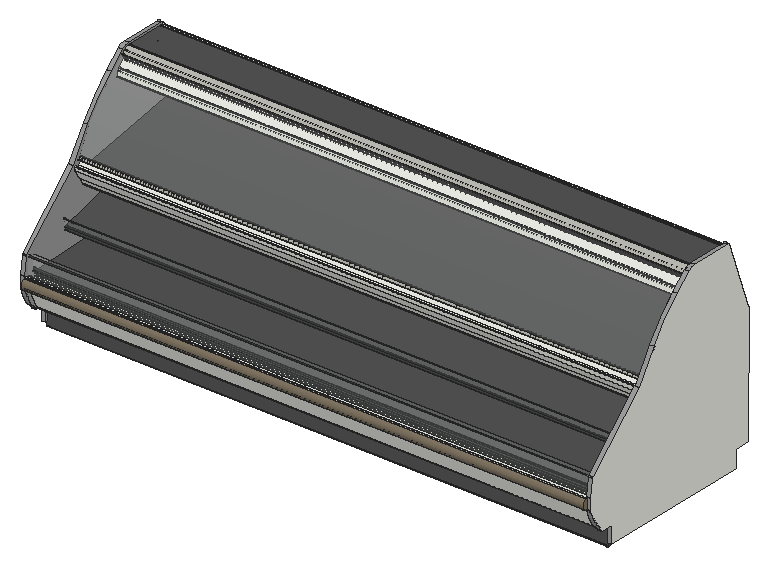
Revit family "CR3-M-EP_2014", category Specialty Equipment, Revit 2014
Parameters (values of type "12'-0" Length")
  Width = 144"
  Waste Drain = 1 1/2"  # constant formula
  Upper Drain = if(Width = 48", 32", if(Width = 72", 44", if(Width = 96", 56", if(Width = 144", 77", 0"))))  # 77"
  URL = "www.hussmann.com"
  Type Comments = "Chino"  # constant formula
  Trim = Stainless Steel
  Total Weight = Case Weight + (2 * End Weight)  # 0.00 lbf
  Splashguard = Textured Sheet Metal (Steel Painted) - 701 Black
  Side Panel - Right [instance] = yes
  Side Panel - Left [instance] = yes
  Shelves = Sheet Metal (Steel Painted) - 701 Black
  Revit Family Date = "09/15/2016"  # constant formula
  Refrigeration Lines Suction = 5/8"  # constant formula
  Refrigeration Lines Liquid = 3/8"  # constant formula
  Refrig. Suction = "Suction"
  Refrig. Liquid = "Liquid"
  Number of Supports = if(Width < 70", 2, if(Width < 140", 3, 4))  # 4
  Note from Manufacturer = "This model only comes in 4'-0\", 6'-0\", 8'-0\", and 12'-0\" lengths."
  Model URL = "http://www.hussmann.com/en/product%20viewer/display-cases/R3M,%20CR3M,%20R3F,%20CR3F"
  Model = "CR3M-EP"  # constant formula
  Manufacturer Disclaimer = "The information in this file is not intended to be an exact representation of the corresponding Hussmann product.  Further, we reserve the right to change or revise specifications and product design in connection with any feature of our products. Such changes do not entitle the buyer to corresponding changes, improvements, additions, or replacements for equipment previously sold or shipped."  # constant formula
  Manufacturer = "Hussmann Corporation"  # constant formula
  Lower Drain = if(Width = 48", 7", if(Width = 72", 41", if(Width = 96", 53", if(Width = 144", 65", 0"))))  # 65"
  Height = 53 1/4"  # constant formula
  Glazing = Glass
  Ends = Textured Sheet Metal (Steel Painted) - 149 White Satin Matte
  End Weight = 0.00 lbf  # constant formula
  Door Frame = Plastic - 144 Mist Gray
  Description = "Enhanced Performance Service Meat Top, Multi-Deck, Self-Service Front Merchandiser with Refrigerated or Dry Rear Storage - Curved Glass"  # constant formula
  Depth = 51 3/8"  # constant formula
  Cutsheet URL = "http://www.hussmann.com/en/Technical%20Documents/R3-M,%20CR3-M,%20R3-F,%20CR3-F_ds_En.pdf"
  Case Weight = if(Width = 48", 0.00 lbf, if(Width = 72", 0.00 lbf, if(Width = 96", 0.00 lbf, if(Width = 144", 0.00 lbf, 0.00 lbf))))  # 0.00 lbf
  Case Interior - Side Panel = Stainless Steel
  Case Interior - Back Panel = Stainless Steel
  Case = Textured Sheet Metal (Steel Painted) - 149 White Satin Matte
  Bumper = Extruded PVC - 747 Chocolate Brown
  Assembly Code = ""
  Accessories/Options = ""
  8 Case = Width = 96"  # no
  6 Case = Width = 72"  # no
  4 Case = Width = 48"  # no
  12 Case = Width = 144"  # yes
Reference planes (in)
  plane 1 "Back": y = 0
  plane 2 "Bottom": z = 0
  plane 3 "Top": z = 53.25
  plane 4 "Left": x = -77.30699
  plane 5 "Front": y = -51.375
  plane 6 "Center (Left/Right)": x = -5.30699
  plane 7: x = -78.43199
  plane 8 "Right": x = 66.69301
  plane 9: x = 67.81801
Forms (in)
  Extrusion 1, solid, material "Metal - Copper"
    sketch origin (63.0625, 1.04319, 0) x (1, 0, 0) y (0, 1, 0)
      loop
        arc (-76.49449, -39.16819) -> (-77.02482, -39.38786) -> (-77.24449, -39.91819) r 0.75
        arc (-77.24449, -39.91819) -> (-77.02482, -40.44852) -> (-76.49449, -40.66819) r 0.75
        arc (-76.49449, -40.66819) -> (-75.96416, -40.44852) -> (-75.74449, -39.91819) r 0.75
        arc (-75.74449, -39.91819) -> (-75.96416, -39.38786) -> (-76.49449, -39.16819) r 0.75
      loop
        circle (-76.49449, -39.91819) r 0.7102
    from 5.98508 to 0
  Extrusion 2, solid, material "Metal - Copper"
    sketch origin (57.40105, 5, -0.375) x (1, 0, 0) y (0, 1, 0)
      loop
        circle (2.97946, -42.125) r 0.28859
      loop
        circle (2.97946, -42.125) r 0.3125
    from 6.36008 to 0.375
  Extrusion 3, solid, material "Metal - Copper"
    sketch origin (59.82608, 5, -0.375) x (1, 0, 0) y (0, 1, 0)
      loop
        circle (1.05443, -42.125) r 0.17188
      loop
        circle (1.05443, -42.125) r 0.1875
    from 6.36008 to 0.375
  Extrusion 4, solid, material "Textured Sheet Metal (Steel Painted) - 149 White Satin Matte" <- "Case"
    sketch origin (-5.30699, 0, 0) x (0, 1, 0) y (0, 0, 1)
      loop
        line (-33.38837, 32.56835) -> (-32.48582, 33.74457)
        arc (-32.48582, 33.74457) -> (-32.43851, 33.76986) -> (-32.38829, 33.75097) r 0.065
        line (-32.38829, 33.75097) -> (-31.8949, 33.25757)
        arc (-31.8949, 33.25757) -> (-31.88081, 33.23648) -> (-31.87586, 33.21161) r 0.065
        line (-31.87586, 33.21161) -> (-31.87586, 32.51032)
        arc (-31.87586, 32.51032) -> (-31.87184, 32.49532) -> (-31.86086, 32.48434) r 0.03
        line (-31.86086, 32.48434) -> (-29.72273, 31.24989) -> (-28.88555, 31.3975)
        arc (-28.88555, 31.3975) -> (-28.83699, 31.38674) -> (-28.81026, 31.34478) r 0.065
        line (-28.81026, 31.34478) -> (-28.71363, 30.79681)
        arc (-28.71363, 30.79681) -> (-28.7013, 30.77744) -> (-28.67888, 30.77247) r 0.03
        line (-28.67888, 30.77247) -> (-27.45089, 30.989)
        arc (-27.45089, 30.989) -> (-27.40232, 30.97823) -> (-27.37559, 30.93628) r 0.065
        line (-27.37559, 30.93628) -> (-27.32528, 30.65098)
        arc (-27.32528, 30.65098) -> (-27.31599, 30.63406) -> (-27.29832, 30.6263) r 0.03
        line (-27.29832, 30.6263) -> (-26.84553, 30.58709) -> (-26.86198, 30.39712) -> (-19.20364, 29.99547) -> (-15.18644, 29.99547) -> (-4.3474, 30.51941) -> (-4.3474, 35.42711) -> (-2.94716, 35.42711) -> (-2.98168, 35.52197) -> (-4.51597, 35.52197)
        arc (-4.51597, 35.52197) -> (-4.53525, 35.51495) -> (-4.54551, 35.49718) r 0.03
        line (-4.54551, 35.49718) -> (-4.63952, 34.96406) -> (-4.70058, 34.97482) -> (-4.60657, 35.50794)
        arc (-4.60657, 35.50794) -> (-4.57511, 35.56244) -> (-4.51597, 35.58397) r 0.092
        line (-4.51597, 35.58397) -> (-2.23313, 35.58397) -> (-0.23594, 36.31089)
        arc (-0.23594, 36.31089) -> (-0.16559, 36.30782) -> (-0.11802, 36.2559) r 0.092
        line (-0.11802, 36.2559) -> (-0.00555, 35.94689)
        arc (-0.00555, 35.94689) -> (-0.0014, 35.9314) -> (0, 35.91542) r 0.092
        line (0, 35.91542) -> (0, 35.28405) -> (-0.02202, 35.03232) -> (-0.08379, 35.03772) -> (-0.062, 35.28806) -> (-0.062, 35.41322) -> (-0.27598, 35.41322) -> (-0.20665, 35.15451) -> (-0.20665, 28.41908) -> (-18.65057, 28.41908) -> (-18.65057, 7.54708) -> (-0.27157, 7.54708) -> (-0.27157, 5.90808)
        arc (-0.27157, 5.90808) -> (-0.29061, 5.86212) -> (-0.33657, 5.84308) r 0.065
        line (-0.33657, 5.84308) -> (-0.96459, 5.84308)
        arc (-0.96459, 5.84308) -> (-1.01438, 5.8663) -> (-1.0286, 5.91937) r 0.065
        line (-1.0286, 5.91937) -> (-0.92787, 6.49062) -> (-0.92787, 7.41108) -> (-2.27987, 7.41108) -> (-2.27987, 6.70416)
        arc (-2.27987, 6.70416) -> (-2.28779, 6.66436) -> (-2.31033, 6.63062) r 0.104
        line (-2.31033, 6.63062) -> (-2.99941, 5.94154)
        arc (-2.99941, 5.94154) -> (-3.03315, 5.91899) -> (-3.07295, 5.91108) r 0.104
        line (-3.07295, 5.91108) -> (-3.85387, 5.91108) -> (-3.85387, 5.98508) -> (-46.47246, 5.98508) -> (-46.54679, 5.78148)
        arc (-46.54679, 5.78148) -> (-46.60508, 5.73883) -> (-46.66679, 5.77636) r 0.065
        line (-46.66679, 5.77636) -> (-49.32381, 11.48883) -> (-50.2838, 11.48883)
        arc (-50.2838, 11.48883) -> (-50.34921, 11.51592) -> (-50.3763, 11.58133) r 0.0925
        line (-50.3763, 11.58133) -> (-50.3763, 14.20466)
        arc (-50.3763, 14.20466) -> (-50.34921, 14.27007) -> (-50.2838, 14.29716) r 0.0925
        line (-50.2838, 14.29716) -> (-49.57204, 14.29716)
        arc (-49.57204, 14.29716) -> (-49.50663, 14.27007) -> (-49.47954, 14.20466) r 0.0925
        line (-49.47954, 14.20466) -> (-49.47954, 13.11258) -> (-48.99211, 13.11258) -> (-48.99211, 13.96008) -> (-48.92961, 13.96008) -> (-48.92961, 13.58908) -> (-48.6086, 13.26808) -> (-47.30761, 13.26808) -> (-47.30761, 13.33008) -> (-46.87061, 13.33008) -> (-46.87061, 13.92649)
        arc (-46.87061, 13.92649) -> (-46.84366, 13.99154) -> (-46.77861, 14.01849) r 0.092
        line (-46.77861, 14.01849) -> (-45.83661, 14.01849)
        arc (-45.83661, 14.01849) -> (-45.77155, 13.99154) -> (-45.74461, 13.92649) r 0.092
        line (-45.74461, 13.92649) -> (-45.74461, 13.33008) -> (-45.39961, 13.33008)
        arc (-45.39961, 13.33008) -> (-45.33455, 13.30313) -> (-45.30761, 13.23808) r 0.092
        line (-45.30761, 13.23808) -> (-45.30761, 12.89308) -> (-45.36572, 12.89308) -> (-45.36572, 12.67135) -> (-45.43818, 12.40092) -> (-45.49855, 12.4171) -> (-45.42822, 12.67958) -> (-45.42822, 12.7762) -> (-46.47046, 12.7762) -> (-46.47046, 7.60758) -> (-19.73888, 7.60758) -> (-18.87522, 8.47125) -> (-18.87522, 10.98732) -> (-19.81272, 10.98732) -> (-19.81272, 11.22133) -> (-18.84907, 11.22133) -> (-18.84907, 28.20482) -> (-21.33057, 28.20482) -> (-21.33057, 24.603) -> (-21.46745, 24.603) -> (-21.46745, 23.87685) -> (-21.50774, 23.47946)
        arc (-21.50774, 23.47946) -> (-21.58178, 23.4217) -> (-21.63626, 23.49819) r 0.065
        line (-21.63626, 23.49819) -> (-21.50245, 24.20033) -> (-21.50245, 26.80753) -> (-22.46803, 27.77311) -> (-28.51585, 27.77311)
        arc (-28.51585, 27.77311) -> (-28.53268, 27.77533) -> (-28.54835, 27.78182) r 0.065
        line (-28.54835, 27.78182) -> (-30.14557, 28.70397) -> (-31.02158, 28.70397) -> (-31.21157, 28.59427)
        arc (-31.21157, 28.59427) -> (-31.22554, 28.57605) -> (-31.22254, 28.55328) r 0.03
        line (-31.22254, 28.55328) -> (-31.10515, 28.34998)
        arc (-31.10515, 28.34998) -> (-31.09865, 28.30066) -> (-31.12893, 28.26119) r 0.065
        line (-31.12893, 28.26119) -> (-31.96462, 27.77863)
        arc (-31.96462, 27.77863) -> (-32.01394, 27.77214) -> (-32.05341, 27.80242) r 0.065
        line (-32.05341, 27.80242) -> (-32.18495, 28.03022) -> (-32.14741, 28.0519) -> (-33.019, 29.56079) -> (-33.08089, 29.52506) -> (-34.33754, 31.61446) -> (-34.60221, 32.75898)
        arc (-34.60221, 32.75898) -> (-34.58024, 32.82376) -> (-34.51246, 32.83301) r 0.065
        line (-34.51246, 32.83301) -> (-34.30068, 32.73881) -> (-34.31866, 32.69839) -> (-33.54184, 32.32792) -> (-33.39162, 32.5637)
      loop
        line (-7.7013, 52.90428) -> (-17.15757, 52.90428) -> (-17.15757, 50.83167) -> (-18.95248, 50.83167)
        arc (-18.95248, 50.83167) -> (-18.98787, 50.82463) -> (-19.01788, 50.80458) r 0.0925
        line (-19.01788, 50.80458) -> (-20.44006, 49.3824)
        arc (-20.44006, 49.3824) -> (-20.46011, 49.2816) -> (-20.37465, 49.2245) r 0.0925
        line (-20.37465, 49.2245) -> (-20.45838, 49.2245)
        arc (-20.45838, 49.2245) -> (-20.49795, 49.21106) -> (-20.52116, 49.17632) r 0.065
        line (-20.52116, 49.17632) -> (-20.96518, 47.51924)
        arc (-20.96518, 47.51924) -> (-20.91949, 47.43971) -> (-20.83975, 47.48505) r 0.065
        line (-20.83975, 47.48505) -> (-20.75047, 47.807) -> (-20.7842, 47.81636) -> (-20.87348, 47.4944)
        arc (-20.87348, 47.4944) -> (-20.91028, 47.47348) -> (-20.93137, 47.51019) r 0.03
        line (-20.93137, 47.51019) -> (-20.50953, 49.0845) -> (-20.47593, 49.0755) -> (-20.47593, 48.56476)
        arc (-20.47593, 48.56476) -> (-20.45543, 48.51526) -> (-20.40593, 48.49476) r 0.07
        line (-20.40593, 48.49476) -> (-19.18749, 48.49476)
        arc (-19.18749, 48.49476) -> (-19.14153, 48.5138) -> (-19.12249, 48.55976) r 0.065
        line (-19.12249, 48.55976) -> (-19.12249, 49.1595)
        arc (-19.12249, 49.1595) -> (-19.14153, 49.20546) -> (-19.18749, 49.2245) r 0.065
        line (-19.18749, 49.2245) -> (-19.4124, 49.2245) -> (-19.4124, 49.287) -> (-20.08187, 49.287) -> (-18.85794, 50.51093) -> (-10.33522, 50.51093) -> (-10.33522, 50.81867) -> (-8.18319, 50.81867) -> (-8.3657, 50.31723)
        arc (-8.3657, 50.31723) -> (-8.3631, 50.25759) -> (-8.31908, 50.21726) r 0.078
        line (-8.31908, 50.21726) -> (-7.21684, 49.81607)
        arc (-7.21684, 49.81607) -> (-7.19016, 49.81137) -> (-7.16349, 49.81607) r 0.078
        line (-7.16349, 49.81607) -> (-5.87825, 50.28386)
        arc (-5.87825, 50.28386) -> (-5.83424, 50.32419) -> (-5.83163, 50.38383) r 0.078
        arc (-5.83163, 50.38383) -> (-5.78406, 50.33192) -> (-5.71372, 50.32885) r 0.092
        line (-5.71372, 50.32885) -> (-5.41208, 50.43863)
        arc (-5.41208, 50.43863) -> (-5.36016, 50.4862) -> (-5.35709, 50.55655) r 0.092
        line (-5.35709, 50.55655) -> (-6.30348, 53.15672)
        arc (-6.30348, 53.15672) -> (-6.41404, 53.30081) -> (-6.58726, 53.35543) r 0.302
        line (-6.58726, 53.35543) -> (-7.1713, 53.35543)
        arc (-7.1713, 53.35543) -> (-7.23635, 53.32848) -> (-7.2633, 53.26343) r 0.092
        line (-7.2633, 53.26343) -> (-7.2633, 52.98303) -> (-7.6233, 52.98303)
        arc (-7.6233, 52.98303) -> (-7.67872, 52.95992) -> (-7.7013, 52.90428) r 0.078
      loop
        arc (-8.70629, 49.87386) -> (-8.55803, 49.99329) -> (-8.49628, 50.17339) r 0.34306
        line (-8.49628, 50.17339) -> (-8.49245, 50.25227) -> (-8.62388, 50.25405) -> (-18.46227, 50.3871) -> (-18.46058, 50.30815)
        arc (-18.46058, 50.30815) -> (-18.4035, 50.12616) -> (-18.25803, 50.0028) r 0.34295
        arc (-18.25803, 50.0028) -> (-18.21882, 49.96922) -> (-18.20356, 49.91992) r 0.093
        line (-18.20356, 49.91992) -> (-18.159, 48.15335)
        spline (-18.159, 48.15335) -> (-18.15533, 48.09935) -> (-18.14707, 48.04586) -> (-18.1343, 47.99327) -> (-18.11709, 47.94196) -> (-18.09558, 47.89229) -> (-18.06991, 47.84464) -> (-18.04029, 47.79934) -> (-18.00691, 47.75672) -> (-17.97003, 47.7171) -> (-17.9299, 47.68077) -> (-17.88683, 47.64797) -> (-17.84113, 47.61896)
        line (-17.84113, 47.61896) -> (-16.08485, 46.60647)
        spline (-16.08485, 46.60647) -> (-16.05336, 46.58834) -> (-16.02231, 46.57049) -> (-15.99206, 46.55314) -> (-15.96298, 46.53649) -> (-15.9354, 46.52074) -> (-15.90965, 46.50608) -> (-15.88605, 46.49268) -> (-15.86487, 46.48071) -> (-15.84637, 46.47029) -> (-15.83076, 46.46157) -> (-15.81823, 46.45464) -> (-15.80892, 46.44958)
        arc (-15.80892, 46.44958) -> (-15.75024, 46.42542) -> (-15.68736, 46.41686) r 0.24938
        line (-15.68736, 46.41686) -> (-10.05286, 46.3406) -> (-9.7997, 47.24959) -> (-9.40546, 47.63315)
        spline (-9.40546, 47.63315) -> (-9.39704, 47.6417) -> (-9.38901, 47.65061) -> (-9.38138, 47.65987) -> (-9.37415, 47.66944) -> (-9.36735, 47.67932) -> (-9.36099, 47.68949) -> (-9.35508, 47.69993) -> (-9.34963, 47.71061) -> (-9.34465, 47.72153) -> (-9.34015, 47.73265) -> (-9.33614, 47.74395) -> (-9.33263, 47.75542)
        line (-9.33263, 47.75542) -> (-8.7574, 49.79094)
        arc (-8.7574, 49.79094) -> (-8.74105, 49.84073) -> (-8.7004, 49.87378) r 0.09302
    from 72 to -72
  Extrusion 5, solid, material "Sheet Metal (Steel Painted) - 701 Black" <- "Shelves"
    sketch origin (-5.30699, 0, 0) x (0, 1, 0) y (0, 0, 1)
      loop
        line (-47.61712, 14.45678) -> (-47.60219, 13.99202) -> (-20.77257, 14.85426) -> (-20.77257, 24.58807) -> (-21.46057, 24.58807) -> (-21.46057, 15.3324) -> (-47.61825, 14.49176)
        arc (-47.61825, 14.49176) -> (-47.63973, 14.49986) -> (-47.6492, 14.52078) r 0.03
        line (-47.6492, 14.52078) -> (-47.68035, 15.49028)
        arc (-47.68035, 15.49028) -> (-47.75306, 15.55273) -> (-47.80894, 15.47486) r 0.065
        line (-47.80894, 15.47486) -> (-47.73857, 15.13915) -> (-47.70432, 15.14633) -> (-47.68418, 14.51966)
        arc (-47.68418, 14.51966) -> (-47.66367, 14.47433) -> (-47.61712, 14.45678) r 0.065
    from 72 to -72
  Extrusion 6, solid, material "Sheet Metal (Steel Painted) - 701 Black" <- "Shelves"
    sketch origin (-5.30699, 0, 0) x (0, 1, 0) y (0, 0, 1)
      loop
        arc (-37.37591, 20.55304) -> (-37.41386, 20.52392) -> (-37.4201, 20.4765) r 0.0625
        line (-37.4201, 20.4765) -> (-37.20032, 19.65628) -> (-37.45375, 19.58853) -> (-37.62233, 20.31883) -> (-37.68275, 20.30488) -> (-37.51403, 19.5741)
        arc (-37.51403, 19.5741) -> (-37.48555, 19.53491) -> (-37.43757, 19.52816) r 0.062
        line (-37.43757, 19.52816) -> (-36.59239, 19.75463) -> (-36.60996, 19.82019)
        arc (-36.60996, 19.82019) -> (-36.5977, 19.83875) -> (-36.59726, 19.86099) r 0.04
        line (-36.59726, 19.86099) -> (-36.77098, 20.52878) -> (-35.92628, 20.75209) -> (-35.88731, 20.60665) -> (-35.804, 20.62897)
        arc (-35.804, 20.62897) -> (-35.77744, 20.62547) -> (-35.76113, 20.60422) r 0.035
        line (-35.76113, 20.60422) -> (-35.68092, 20.30489)
        arc (-35.68092, 20.30489) -> (-35.66826, 20.27965) -> (-35.64666, 20.26146) r 0.07
        line (-35.64666, 20.26146) -> (-35.12588, 19.97927)
        arc (-35.12588, 19.97927) -> (-35.04917, 19.98586) -> (-35.02491, 20.05893) r 0.07
        line (-35.02491, 20.05893) -> (-35.07702, 20.25341) -> (-21.79848, 23.74887)
        arc (-21.79848, 23.74887) -> (-21.76053, 23.77799) -> (-21.75428, 23.82542) r 0.0625
        line (-21.75428, 23.82542) -> (-21.9484, 24.54987)
        arc (-21.9484, 24.54987) -> (-21.97752, 24.58782) -> (-22.02494, 24.59406) r 0.0625
        line (-22.02494, 24.59406) -> (-37.37591, 20.55304)
    from 72 to -72
  Extrusion 7, solid, material "Glass" <- "Glazing"
    sketch origin (-5.30699, 0, 0) x (0, 1, 0) y (0, 0, 1)
      loop
        line (-38.15322, 22.24812) -> (-37.44146, 19.59182) -> (-37.19994, 19.65639) -> (-37.91173, 22.31283)
        arc (-37.91173, 22.31283) -> (-38.06483, 22.40122) -> (-38.15322, 22.24812) r 0.125
    from 72 to -72
  Extrusion 8, solid, material "Glass" <- "Glazing"
    sketch origin (-5.30699, 0, 0) x (0, 1, 0) y (0, 0, 1)
      loop
        line (-49.47954, 18.6907) -> (-49.47954, 13.11258) -> (-48.99211, 13.11258) -> (-48.99211, 18.61243)
        arc (-48.99211, 18.61243) -> (-49.20247, 18.85926) -> (-49.47954, 18.6907) r 0.25
    from 72 to -72
  Extrusion 9, solid, material "Extruded PVC - 747 Chocolate Brown" <- "Bumper"
    sketch origin (-5.30699, 0, 0) x (0, 1, 0) y (0, 0, 1)
      loop
        arc (-50.3763, 13.97878) -> (-51.3763, 12.72878) -> (-50.3763, 11.47878) r 1.28125
        line (-50.3763, 11.47878) -> (-50.3763, 13.97878)
    from 72 to -72
  Extrusion 10, solid, material "Sheet Metal (Steel Painted) - 701 Black" <- "Shelves"
    sketch origin (-5.30699, 0, 0) x (0, 1, 0) y (0, 0, 1)
      loop
        line (-7.38303, 53.29798) -> (-17.05429, 53.29798) -> (-17.09366, 53.25861) -> (-17.09366, 53.02831) -> (-16.98879, 52.90767) -> (-16.79783, 52.90767) -> (-16.73329, 52.98302) -> (-7.38303, 52.98302) -> (-7.34366, 53.02239) -> (-7.34366, 53.25861) -> (-7.38303, 53.29798)
    from 72 to -72
  Extrusion 11, solid, material "Plastic - 144 Mist Gray" <- "Door Frame"
    sketch origin (-5.30699, 0, 0) x (0, 1, 0) y (0, 0, 1)
      loop
        line (-32.96754, 34.44172) -> (-33.23095, 33.77271)
        arc (-33.23095, 33.77271) -> (-33.23011, 33.72527) -> (-33.19597, 33.69231) r 0.062
        line (-33.19597, 33.69231) -> (-32.96467, 33.60295)
        arc (-32.96467, 33.60295) -> (-32.91766, 33.6039) -> (-32.88483, 33.63756) r 0.062
        line (-32.88483, 33.63756) -> (-32.87204, 33.66924)
        arc (-32.87204, 33.66924) -> (-32.83903, 33.70299) -> (-32.79184, 33.70372) r 0.062
        line (-32.79184, 33.70372) -> (-32.72201, 33.67623)
        arc (-32.72201, 33.67623) -> (-32.66747, 33.73008) -> (-32.68762, 33.80403) r 0.07595
        line (-32.68762, 33.80403) -> (-32.66677, 33.85729) -> (-32.51145, 33.71117) -> (-32.3787, 33.88418) -> (-32.54549, 34.14124)
        arc (-32.54549, 34.14124) -> (-32.489, 34.18537) -> (-32.49373, 34.2569) r 0.07661
        line (-32.49373, 34.2569) -> (-32.64938, 34.31713)
        arc (-32.64938, 34.31713) -> (-32.66833, 34.31835) -> (-32.68443, 34.30828) r 0.031
        arc (-32.68443, 34.30828) -> (-32.81429, 33.98404) -> (-32.94132, 33.65868) r 40
        line (-32.94132, 33.65868) -> (-33.17394, 33.75027)
        arc (-33.17394, 33.75027) -> (-33.04315, 34.08514) -> (-32.90937, 34.41882) r 40.25
        line (-32.90937, 34.41882) -> (-32.96754, 34.44172)
      loop
        line (-18.83593, 51.52449) -> (-18.6385, 51.17915)
        arc (-18.6385, 51.17915) -> (-18.55725, 51.08594) -> (-18.44638, 51.03119) r 0.31496
        line (-18.44638, 51.03119) -> (-17.69979, 50.83167) -> (-17.15757, 50.83167) -> (-17.15757, 52.90428) -> (-16.98584, 52.90428) -> (-17.06801, 52.99881) -> (-17.13592, 52.99881) -> (-17.13592, 53.27146)
        arc (-17.13592, 53.27146) -> (-17.14169, 53.28538) -> (-17.15561, 53.29115) r 0.01969
        line (-17.15561, 53.29115) -> (-17.23567, 53.29115)
        arc (-17.23567, 53.29115) -> (-17.40817, 53.06189) -> (-17.49374, 52.78804) r 0.84252
        line (-17.49374, 52.78804) -> (-17.56189, 52.78518)
        arc (-17.56189, 52.78518) -> (-17.51746, 52.98456) -> (-17.43036, 53.16932) r 0.9252
        arc (-17.43036, 53.16932) -> (-17.43084, 53.19069) -> (-17.45052, 53.19902) r 0.01968
        arc (-17.45052, 53.19902) -> (-18.50854, 52.75906) -> (-19.2771, 51.9092) r 2.61653
        arc (-19.2771, 51.9092) -> (-19.27989, 51.87327) -> (-19.25227, 51.85012) r 0.03937
        line (-19.25227, 51.85012) -> (-18.61303, 52.29494) -> (-18.48735, 52.38442)
        arc (-18.48735, 52.38442) -> (-18.42794, 52.3978) -> (-18.37675, 52.36481) r 0.07874
        line (-18.37675, 52.36481) -> (-18.31698, 52.27768) -> (-18.44492, 52.27232) -> (-18.49919, 52.15378) -> (-18.44373, 52.07574)
        arc (-18.44373, 52.07574) -> (-18.43706, 52.04602) -> (-18.45358, 52.02044) r 0.03937
        line (-18.45358, 52.02044) -> (-18.58078, 51.93334) -> (-19.06946, 51.59874)
        arc (-19.06946, 51.59874) -> (-19.09424, 51.56037) -> (-19.08424, 51.5158) r 0.05905
        line (-19.08424, 51.5158) -> (-19.01642, 51.42037)
        arc (-19.01642, 51.42037) -> (-19.00366, 51.41237) -> (-18.98897, 51.41573) r 0.01969
        line (-18.98897, 51.41573) -> (-18.83593, 51.52449)
    from 72 to -72
  Extrusion 12, solid, material "Textured Sheet Metal (Steel Painted) - 701 Black" <- "Splashguard"
    sketch origin (-5.30699, 0, 0) x (0, 1, 0) y (0, 0, 1)
      loop
        arc (-43.33825, 5.48508) -> (-43.363, 5.47483) -> (-43.37325, 5.45008) r 0.035
        line (-43.37325, 5.45008) -> (-43.37325, 0.02008)
        arc (-43.37325, 0.02008) -> (-43.363, -0.00467) -> (-43.33825, -0.01492) r 0.035
        line (-43.33825, -0.01492) -> (-42.83825, -0.01492)
        arc (-42.83825, -0.01492) -> (-42.8135, -0.00467) -> (-42.80325, 0.02008) r 0.035
        line (-42.80325, 0.02008) -> (-42.80325, 0.39508) -> (-42.88512, 0.39508) -> (-42.88512, 5.07508) -> (-42.80325, 5.07508) -> (-42.80325, 5.45008)
        arc (-42.80325, 5.45008) -> (-42.8135, 5.47483) -> (-42.83825, 5.48508) r 0.035
        line (-42.83825, 5.48508) -> (-43.33825, 5.48508)
      loop
        line (-4.19387, 5.48508) -> (-4.19387, 0.45495) -> (-3.8561, 0.05241) -> (-3.47425, -0.01492) -> (-3.46817, 0.01955) -> (-3.83748, 0.08467) -> (-4.15887, 0.46769) -> (-4.15887, 5.48508) -> (-4.19387, 5.48508)
    from 72 to -72
  Extrusion 13, solid, material "Sheet Metal (Steel Painted) - 701 Black" <- "Shelves"
    sketch origin (-5.30699, 0, 0) x (0, 1, 0) y (0, 0, 1)
      loop
        line (-30.31615, 31.72987) -> (-30.75068, 31.98075)
        arc (-30.75068, 31.98075) -> (-30.82336, 31.95979) -> (-30.79966, 31.88796) r 0.0525
        line (-30.79966, 31.88796) -> (-30.46163, 31.72559) -> (-30.44364, 31.76306) -> (-30.3431, 31.70502)
        arc (-30.3431, 31.70502) -> (-30.32189, 31.6973) -> (-30.29931, 31.6973) r 0.065
        line (-30.29931, 31.6973) -> (-29.01078, 31.9245) -> (-28.94987, 31.57908) -> (-4.26812, 35.93113) -> (-4.32903, 36.27656) -> (-4.20183, 36.29899)
        arc (-4.20183, 36.29899) -> (-4.18257, 36.29595) -> (-4.16925, 36.28172) r 0.03
        line (-4.16925, 36.28172) -> (-4.07651, 36.07493) -> (-4.04458, 36.08926) -> (-4.13731, 36.29604)
        arc (-4.13731, 36.29604) -> (-4.16618, 36.32688) -> (-4.20791, 36.33346) r 0.065
        line (-4.20791, 36.33346) -> (-30.31615, 31.72987)
    from 72 to -72
  Extrusion 14, solid, material "Glass" <- "Glazing"
    sketch origin (-5.30699, 0, 0) x (0, 1, 0) y (0, 0, 1)
      loop
        line (-18.48736, 52.0493) -> (-18.63016, 52.2545)
        arc (-18.63016, 52.2545) -> (-27.28477, 44.08917) -> (-33.17394, 33.75027) r 40.25
        line (-33.17394, 33.75027) -> (-32.94132, 33.65868)
        arc (-32.94132, 33.65868) -> (-27.08866, 43.93412) -> (-18.48736, 52.0493) r 40
    from 72 to -72
  Extrusion 15, solid, material "Metal - Copper"
    sketch origin (-56.6875, 24.04319, 0) x (1, 0, 0) y (0, 1, 0)
      loop
        arc (56.38051, -40.66819) -> (55.85018, -40.88786) -> (55.63051, -41.41819) r 0.75
        arc (55.63051, -41.41819) -> (55.85018, -41.94852) -> (56.38051, -42.16819) r 0.75
        arc (56.38051, -42.16819) -> (56.91084, -41.94852) -> (57.13051, -41.41819) r 0.75
        arc (57.13051, -41.41819) -> (56.91084, -40.88786) -> (56.38051, -40.66819) r 0.75
      loop
        circle (56.38051, -41.41819) r 0.7102
    from 5.98508 to 0
  Extrusion 16, solid, material "Glass" <- "Glazing"
    sketch origin (-5.30699, 0, 0) x (0, 1, 0) y (0, 0, 1)
      loop
        line (-47.77768, 18.51872) -> (-47.6492, 14.52078) -> (-47.39933, 14.52881) -> (-47.52781, 18.52675) -> (-47.77768, 18.51872)
    from 72 to -72
  Extrusion 17, solid, material "Stainless Steel" <- "Case Interior - Back Panel", visible <- "12 Case"
    sketch origin (-77.30699, 0, 0) x (0, 1, 0) y (0, 0, 1)
      loop
        line (-3.0039, 35.56897) -> (-2.27433, 35.56897) -> (-0.17956, 36.33141) -> (-5.4525, 50.81867) -> (-8.55461, 50.81867) -> (-3.0039, 35.56897)
    from 144 to 143.5
  Extrusion 18, solid, material "Stainless Steel" <- "Case Interior - Back Panel", visible <- "12 Case"
    sketch origin (-77.30699, 0, 0) x (0, 1, 0) y (0, 0, 1)
      loop
        line (-3.0039, 35.56897) -> (-2.27433, 35.56897) -> (-0.17956, 36.33141) -> (-5.4525, 50.81867) -> (-8.55461, 50.81867) -> (-3.0039, 35.56897)
    from 96.5 to 95.5
  Extrusion 19, solid, material "Stainless Steel" <- "Case Interior - Back Panel", visible <- "12 Case"
    sketch origin (-77.30699, 0, 0) x (0, 1, 0) y (0, 0, 1)
      loop
        line (-3.0039, 35.56897) -> (-2.27433, 35.56897) -> (-0.17956, 36.33141) -> (-5.4525, 50.81867) -> (-8.55461, 50.81867) -> (-3.0039, 35.56897)
    from 48.5 to 47.5
  Extrusion 20, solid, material "Stainless Steel" <- "Case Interior - Back Panel", visible <- "12 Case"
    sketch origin (-77.30699, 0, 0) x (0, 1, 0) y (0, 0, 1)
      loop
        line (-3.0039, 35.56897) -> (-2.27433, 35.56897) -> (-0.17956, 36.33141) -> (-5.4525, 50.81867) -> (-8.55461, 50.81867) -> (-3.0039, 35.56897)
    from 0.5 to 0
  Extrusion 21, solid, material "Stainless Steel" <- "Case Interior - Back Panel", visible <- "12 Case", not visible
    sketch origin (-77.30699, 0, 0) x (0, 1, 0) y (0, 0, 1)
      loop
        line (-3.0039, 35.56897) -> (-2.27433, 35.56897) -> (-0.17956, 36.33141) -> (-5.4525, 50.81867) -> (-8.55461, 50.81867) -> (-3.0039, 35.56897)
    from 144 to 143.5
  Extrusion 22, solid, material "Stainless Steel" <- "Case Interior - Back Panel", visible <- "12 Case", not visible
    sketch origin (-77.30699, 0, 0) x (0, 1, 0) y (0, 0, 1)
      loop
        line (-3.0039, 35.56897) -> (-2.27433, 35.56897) -> (-0.17956, 36.33141) -> (-5.4525, 50.81867) -> (-8.55461, 50.81867) -> (-3.0039, 35.56897)
    from 96.5 to 95.5
  Extrusion 23, solid, material "Stainless Steel" <- "Case Interior - Back Panel", visible <- "12 Case", not visible
    sketch origin (-77.30699, 0, 0) x (0, 1, 0) y (0, 0, 1)
      loop
        line (-3.0039, 35.56897) -> (-2.27433, 35.56897) -> (-0.17956, 36.33141) -> (-5.4525, 50.81867) -> (-8.55461, 50.81867) -> (-3.0039, 35.56897)
    from 48.5 to 47.5
  Extrusion 24, solid, material "Stainless Steel" <- "Case Interior - Back Panel", visible <- "12 Case", not visible
    sketch origin (-77.30699, 0, 0) x (0, 1, 0) y (0, 0, 1)
      loop
        line (-3.0039, 35.56897) -> (-2.27433, 35.56897) -> (-0.17956, 36.33141) -> (-5.4525, 50.81867) -> (-8.55461, 50.81867) -> (-3.0039, 35.56897)
    from 0.5 to 0
  Extrusion 25, solid, material "Stainless Steel" <- "Case Interior - Back Panel", visible <- "8 Case"
    sketch origin (-77.30699, 0, 0) x (0, 1, 0) y (0, 0, 1)
      loop
        line (-3.0039, 35.56897) -> (-2.27433, 35.56897) -> (-0.17956, 36.33141) -> (-5.4525, 50.81867) -> (-8.55461, 50.81867) -> (-3.0039, 35.56897)
    from 96 to 95.5
  Extrusion 26, solid, material "Stainless Steel" <- "Case Interior - Back Panel", visible <- "8 Case"
    sketch origin (-77.30699, 0, 0) x (0, 1, 0) y (0, 0, 1)
      loop
        line (-3.0039, 35.56897) -> (-2.27433, 35.56897) -> (-0.17956, 36.33141) -> (-5.4525, 50.81867) -> (-8.55461, 50.81867) -> (-3.0039, 35.56897)
    from 48.5 to 47.5
  Extrusion 27, solid, material "Stainless Steel" <- "Case Interior - Back Panel", visible <- "8 Case"
    sketch origin (-77.30699, 0, 0) x (0, 1, 0) y (0, 0, 1)
      loop
        line (-3.0039, 35.56897) -> (-2.27433, 35.56897) -> (-0.17956, 36.33141) -> (-5.4525, 50.81867) -> (-8.55461, 50.81867) -> (-3.0039, 35.56897)
    from 0.5 to 0
  Extrusion 28, solid, material "Stainless Steel" <- "Case Interior - Back Panel", visible <- "8 Case", not visible
    sketch origin (-77.30699, 0, 0) x (0, 1, 0) y (0, 0, 1)
      loop
        line (-3.0039, 35.56897) -> (-2.27433, 35.56897) -> (-0.17956, 36.33141) -> (-5.4525, 50.81867) -> (-8.55461, 50.81867) -> (-3.0039, 35.56897)
    from 96 to 95.5
  Extrusion 29, solid, material "Stainless Steel" <- "Case Interior - Back Panel", visible <- "8 Case", not visible
    sketch origin (-77.30699, 0, 0) x (0, 1, 0) y (0, 0, 1)
      loop
        line (-3.0039, 35.56897) -> (-2.27433, 35.56897) -> (-0.17956, 36.33141) -> (-5.4525, 50.81867) -> (-8.55461, 50.81867) -> (-3.0039, 35.56897)
    from 48.5 to 47.5
  Extrusion 30, solid, material "Stainless Steel" <- "Case Interior - Back Panel", visible <- "8 Case", not visible
    sketch origin (-77.30699, 0, 0) x (0, 1, 0) y (0, 0, 1)
      loop
        line (-3.0039, 35.56897) -> (-2.27433, 35.56897) -> (-0.17956, 36.33141) -> (-5.4525, 50.81867) -> (-8.55461, 50.81867) -> (-3.0039, 35.56897)
    from 0.5 to 0
  Extrusion 31, solid, material "Stainless Steel" <- "Case Interior - Back Panel", visible <- "6 Case"
    sketch origin (-77.30699, 0, 0) x (0, 1, 0) y (0, 0, 1)
      loop
        line (-3.0039, 35.56897) -> (-2.27433, 35.56897) -> (-0.17956, 36.33141) -> (-5.4525, 50.81867) -> (-8.55461, 50.81867) -> (-3.0039, 35.56897)
    from 72 to 71.5
  Extrusion 32, solid, material "Stainless Steel" <- "Case Interior - Back Panel", visible <- "6 Case"
    sketch origin (-77.30699, 0, 0) x (0, 1, 0) y (0, 0, 1)
      loop
        line (-3.0039, 35.56897) -> (-2.27433, 35.56897) -> (-0.17956, 36.33141) -> (-5.4525, 50.81867) -> (-8.55461, 50.81867) -> (-3.0039, 35.56897)
    from 0.5 to 0
  Extrusion 33, solid, material "Stainless Steel" <- "Case Interior - Back Panel", visible <- "6 Case", not visible
    sketch origin (-72.99499, 10.38492, -11.25191) x (0, 1, 0) y (0, 0, 1)
      loop
        line (-3.0039, 35.56897) -> (-2.27433, 35.56897) -> (-0.17956, 36.33141) -> (-5.4525, 50.81867) -> (-8.55461, 50.81867) -> (-3.0039, 35.56897)
    from 72 to 71.5
  Extrusion 34, solid, material "Stainless Steel" <- "Case Interior - Back Panel", visible <- "6 Case", not visible
    sketch origin (-72.99499, 10.38492, -11.25191) x (0, 1, 0) y (0, 0, 1)
      loop
        line (-3.0039, 35.56897) -> (-2.27433, 35.56897) -> (-0.17956, 36.33141) -> (-5.4525, 50.81867) -> (-8.55461, 50.81867) -> (-3.0039, 35.56897)
    from 0.5 to 0
  Extrusion 35, solid, material "Stainless Steel" <- "Case Interior - Back Panel", visible <- "4 Case"
    sketch origin (-77.30699, 0, 0) x (0, 1, 0) y (0, 0, 1)
      loop
        line (-3.0039, 35.56897) -> (-2.27433, 35.56897) -> (-0.17956, 36.33141) -> (-5.4525, 50.81867) -> (-8.55461, 50.81867) -> (-3.0039, 35.56897)
    from 48 to 47.5
  Extrusion 36, solid, material "Stainless Steel" <- "Case Interior - Back Panel", visible <- "4 Case"
    sketch origin (-77.30699, 0, 0) x (0, 1, 0) y (0, 0, 1)
      loop
        line (-3.0039, 35.56897) -> (-2.27433, 35.56897) -> (-0.17956, 36.33141) -> (-5.4525, 50.81867) -> (-8.55461, 50.81867) -> (-3.0039, 35.56897)
    from 0.5 to 0
  Extrusion 37, solid, material "Stainless Steel" <- "Case Interior - Back Panel", visible <- "4 Case", not visible
    sketch origin (-77.30699, 0, 0) x (0, 1, 0) y (0, 0, 1)
      loop
        line (-3.0039, 35.56897) -> (-2.27433, 35.56897) -> (-0.17956, 36.33141) -> (-5.4525, 50.81867) -> (-8.55461, 50.81867) -> (-3.0039, 35.56897)
    from 48 to 47.5
  Extrusion 38, solid, material "Stainless Steel" <- "Case Interior - Back Panel", visible <- "4 Case", not visible
    sketch origin (-77.30699, 0, 0) x (0, 1, 0) y (0, 0, 1)
      loop
        line (-3.0039, 35.56897) -> (-2.27433, 35.56897) -> (-0.17956, 36.33141) -> (-5.4525, 50.81867) -> (-8.55461, 50.81867) -> (-3.0039, 35.56897)
    from 0.5 to 0
  Extrusion 39, solid, material "Textured Sheet Metal (Steel Painted) - 149 White Satin Matte" <- "Ends", visible <- "Side Panel - Right"
    sketch origin (66.69301, 0, 0) x (0, 0, 1) y (0, -1, 0)
      loop
        line (14.37387, 50.38493) -> (11.46764, 50.38493)
        arc (11.46764, 50.38493) -> (11.43063, 50.38218) -> (11.39444, 50.37398) r 0.25
        arc (11.39444, 50.37398) -> (8.20563, 48.95989) -> (5.44554, 46.82679) r 14.53568
        arc (5.44554, 46.82679) -> (5.38353, 46.72278) -> (5.36534, 46.60305) r 0.315
        line (5.36534, 46.60305) -> (5.36534, 43.99632)
        arc (5.36534, 43.99632) -> (5.2555, 43.73116) -> (4.99034, 43.62132) r 0.375
        line (4.99034, 43.62132) -> (1, 43.62132) -> (1, 3.98736) -> (4.99034, 3.98736)
        arc (4.99034, 3.98736) -> (5.2555, 3.87752) -> (5.36534, 3.61236) r 0.375
        line (5.36534, 3.61236) -> (5.36534, 0.20841)
        arc (5.36534, 0.20841) -> (5.43856, 0.03163) -> (5.61534, -0.04159) r 0.25
        line (5.61534, -0.04159) -> (36.42209, -0.04159)
        arc (36.42209, -0.04159) -> (36.4655, -0.0378) -> (36.5076, -0.02652) r 0.25
        line (36.5076, -0.02652) -> (53.39927, 6.12155)
        arc (53.39927, 6.12155) -> (53.51856, 6.21308) -> (53.56377, 6.35647) r 0.25
        line (53.56377, 6.35647) -> (53.56377, 16.83579)
        arc (53.56377, 16.83579) -> (53.36675, 17.90503) -> (52.80158, 18.83383) r 3
        line (52.80158, 18.83383) -> (49.42736, 22.61298)
        arc (49.42736, 22.61298) -> (45.2531, 26.66138) -> (40.54209, 30.07025) r 40.5
        line (40.54209, 30.07025) -> (33.07243, 34.6967)
        arc (33.07243, 34.6967) -> (33.03286, 34.72492) -> (32.99726, 34.75802) r 0.375
        line (32.99726, 34.75802) -> (18.99101, 49.58785)
        arc (18.99101, 49.58785) -> (18.89401, 49.66759) -> (18.7802, 49.72065) r 0.5
        arc (18.7802, 49.72065) -> (16.593, 50.15872) -> (14.37387, 50.38493) r 23.22394
    from 0 to 1.125
  Extrusion 40, solid, material "Textured Sheet Metal (Steel Painted) - 149 White Satin Matte" <- "Ends", visible <- "Side Panel - Left"
    sketch origin (-77.30699, 5.00314, 0) x (0, 1, 0) y (0, 0, 1)
      loop
        line (-39.76115, 32.99726) -> (-54.59099, 18.99101)
        arc (-54.59099, 18.99101) -> (-54.67073, 18.89401) -> (-54.72379, 18.7802) r 0.5
        arc (-54.72379, 18.7802) -> (-55.16185, 16.593) -> (-55.38807, 14.37387) r 23.22394
        line (-55.38807, 14.37387) -> (-55.38807, 11.46764)
        arc (-55.38807, 11.46764) -> (-55.38531, 11.43063) -> (-55.37711, 11.39444) r 0.25
        arc (-55.37711, 11.39444) -> (-53.96302, 8.20563) -> (-51.82993, 5.44554) r 14.53568
        arc (-51.82993, 5.44554) -> (-51.72591, 5.38353) -> (-51.60618, 5.36534) r 0.315
        line (-51.60618, 5.36534) -> (-48.99946, 5.36534)
        arc (-48.99946, 5.36534) -> (-48.73429, 5.2555) -> (-48.62446, 4.99034) r 0.375
        line (-48.62446, 4.99034) -> (-48.62446, 1) -> (-8.9905, 1) -> (-8.9905, 4.99034)
        arc (-8.9905, 4.99034) -> (-8.88066, 5.2555) -> (-8.6155, 5.36534) r 0.375
        line (-8.6155, 5.36534) -> (-5.21154, 5.36534)
        arc (-5.21154, 5.36534) -> (-5.03477, 5.43856) -> (-4.96154, 5.61534) r 0.25
        line (-4.96154, 5.61534) -> (-4.96154, 36.42209)
        arc (-4.96154, 36.42209) -> (-4.96534, 36.4655) -> (-4.97662, 36.5076) r 0.25
        line (-4.97662, 36.5076) -> (-11.12469, 53.39927)
        arc (-11.12469, 53.39927) -> (-11.21621, 53.51856) -> (-11.35961, 53.56377) r 0.25
        line (-11.35961, 53.56377) -> (-21.83893, 53.56377)
        arc (-21.83893, 53.56377) -> (-22.90817, 53.36675) -> (-23.83697, 52.80158) r 3
        line (-23.83697, 52.80158) -> (-27.61612, 49.42736)
        arc (-27.61612, 49.42736) -> (-31.66451, 45.2531) -> (-35.07339, 40.54209) r 40.5
        line (-35.07339, 40.54209) -> (-39.69983, 33.07243)
        arc (-39.69983, 33.07243) -> (-39.72805, 33.03286) -> (-39.76115, 32.99726) r 0.375
    from -1.125 to 0
Lines and regions (in)
  reference lines
    curve 1: line (-75.99499, -51.375, 0) -> (-75.99499, 0, 0)
    curve 2: line (-0.30699, -51.375, 0) -> (-0.30699, 0, 0)
    curve 3: line (-13.43199, -51.375, 0) -> (-13.43199, 0, 0)
    curve 4: line (65.38051, -51.375, 0) -> (65.38051, 0, 0)
    curve 5: line (60.69301, -51.375, 0) -> (60.69301, 0, 0)
    curve 6: line (-77.30699, -38.875, 0) -> (66.69301, -38.875, 0)
    curve 7: line (66.69301, -37.125, 0) -> (-77.30699, -37.125, 0)
    curve 8: line (-77.30699, -17.375, 0) -> (66.69301, -17.375, 0)
Dimensions and locks (in)
  equal spacing: plane 4 "Left", plane 6 "Center (Left/Right)", plane 8 "Right"
  locked: plane 7 to plane 4 "Left" at 1.125
  "Width": plane 4 "Left" to plane 8 "Right"
  plane 4 "Left" to curve 1 = 1.312"
  "Upper Drain": plane 4 "Left" to curve 2
  locked: curve 4 to plane 8 "Right" at 1.3125
  "Lower Drain": plane 7 to curve 3
  "Depth": plane 5 "Front" to plane 1 "Back"
  locked: curve 5 to plane 8 "Right" at 6
  "Height": plane 3 "Top" to level
  locked: plane 1 "Back" to curve 8 at 17.375
  locked: curve 7 to plane 5 "Front" at 14.25
  locked: plane 8 "Right" to plane 9 at 1.125
  locked: Extrusion 1 sketch curve to Extrusion 1 sketch curve at 0.0398
  locked: Extrusion 3 sketch curve to Extrusion 3 sketch curve at 0.01562
  locked: Extrusion 2 sketch curve to Extrusion 2 sketch curve at 0.02391
  locked: Extrusion 15 sketch curve to Extrusion 15 sketch curve at 0.0398
  locked: curve 6 to plane 5 "Front" at 12.5
  nested 1 to plane 1 "Back" = 5 7/8"
  equal spacing: group 1, group 11, group 12, group 2  (x3)
  "Waste Drain": diameter of Extrusion 1 sketch curve
  "Refrigeration Lines Liquid": diameter of Extrusion 3 sketch curve
  "Refrigeration Lines Suction": diameter of Extrusion 2 sketch curve
  "Waste Drain": diameter of Extrusion 15 sketch curve
  aligned and locked: plane 5 "Front" to curve 3
  aligned and locked: plane 5 "Front" to curve 4
  aligned and locked: plane 5 "Front" to curve 2
  aligned and locked: plane 5 "Front" to curve 1
  aligned and locked: plane 4 "Left" to curve 6
  aligned and locked: plane 4 "Left" to curve 7
  aligned and locked: plane 8 "Right" to curve 7
  aligned and locked: plane 8 "Right" to curve 6
  aligned and locked: Extrusion 2 to level
  aligned and locked: Extrusion 3 to level
  aligned and locked: curve 7 to Extrusion 3 sketch curve  (x4)
  aligned and locked: curve 7 to Extrusion 2 sketch curve  (x4)
  aligned and locked: curve 6 to Extrusion 1 sketch curve  (x3)
  aligned and locked: curve 3 to Extrusion 1 sketch curve
  aligned and locked: curve 5 to Extrusion 3 sketch curve
  aligned and locked: curve 5 to Extrusion 2 sketch curve
  aligned and locked: Extrusion 1 to level
  aligned and locked: Extrusion 3 to plane 2 "Bottom"
  aligned and locked: Extrusion 2 to plane 2 "Bottom"
  aligned and locked: Extrusion 2 to Extrusion 1
  aligned and locked: Extrusion 3 to Extrusion 1
  aligned and locked: Extrusion 4 to plane 4 "Left"
  aligned and locked: plane 8 "Right" to Extrusion 4
  aligned and locked: Extrusion 11 to plane 4 "Left"
  aligned and locked: plane 8 "Right" to Extrusion 11
  aligned and locked: Extrusion 6 to plane 4 "Left"
  aligned and locked: plane 8 "Right" to Extrusion 6
  aligned and locked: Extrusion 7 to plane 4 "Left"
  aligned and locked: plane 8 "Right" to Extrusion 7
  aligned and locked: Extrusion 8 to plane 4 "Left"
  aligned and locked: plane 8 "Right" to Extrusion 8
  aligned and locked: Extrusion 9 to plane 4 "Left"
  aligned and locked: plane 8 "Right" to Extrusion 9
  aligned and locked: Extrusion 12 to plane 4 "Left"
  aligned and locked: plane 8 "Right" to Extrusion 12
  aligned and locked: plane 8 "Right" to Extrusion 5
  aligned and locked: Extrusion 5 to plane 4 "Left"
  aligned and locked: Extrusion 13 to plane 4 "Left"
  aligned and locked: plane 8 "Right" to Extrusion 13
  aligned and locked: Extrusion 14 to plane 4 "Left"
  aligned and locked: plane 8 "Right" to Extrusion 14
  aligned and locked: Extrusion 10 to plane 4 "Left"
  aligned and locked: plane 8 "Right" to Extrusion 10
  aligned and locked: Extrusion 1 to Extrusion 4
  aligned and locked: curve 8 to Extrusion 15 sketch curve
  aligned and locked: Extrusion 15 to Extrusion 1
  aligned and locked: curve 1 to nested 1
  aligned and locked: curve 4 to nested 2
  aligned and locked: nested 2 to nested 1
  aligned and locked: plane 4 "Left" to nested 4
  aligned and locked: plane 4 "Left" to nested 5
  aligned and locked: plane 4 "Left" to nested 6
  aligned and locked: plane 4 "Left" to nested 8
  aligned and locked: plane 4 "Left" to nested 18
  aligned and locked: Extrusion 16 to plane 4 "Left"
  aligned and locked: plane 8 "Right" to Extrusion 16
  aligned and locked: plane 4 "Left" to nested 20
  aligned and locked: plane 4 "Left" to nested 27
  aligned and locked: plane 7 to Extrusion 40
  aligned and locked: plane 4 "Left" to Extrusion 40
  aligned and locked: Extrusion 39 to plane 8 "Right"
  aligned and locked: plane 9 to Extrusion 39
Automatic sketch dimensions
  plane 3 "Top" to Extrusion 10 sketch curve = 0.22169"
  plane 1 "Back" to Extrusion 10 sketch curve = 17.09366"
  Extrusion 10 sketch curve to Extrusion 10 sketch curve = 0.03937"  (x3)
  plane 3 "Top" to Extrusion 10 sketch curve = 0.34233"
  Extrusion 10 sketch curve to Extrusion 10 sketch curve = 0.10487"
  Extrusion 10 sketch curve to Extrusion 10 sketch curve = 0.19096"
  plane 3 "Top" to Extrusion 10 sketch curve = 0.26698"
  Extrusion 10 sketch curve to Extrusion 10 sketch curve = 0.06454"
  Extrusion 10 sketch curve to plane 3 "Top" = 0.04798"
  plane 1 "Back" to Extrusion 10 sketch curve = 7.38303"
  Extrusion 10 sketch curve to Extrusion 10 sketch curve = 0"
  Extrusion 10 sketch curve to plane 3 "Top" = 0.00861"  (x2)
  Extrusion 18 sketch curve to Extrusion 18 sketch curve = 3.10211"
  Extrusion 18 sketch curve to Extrusion 18 sketch curve = 2.4486"
  Extrusion 18 sketch curve to Extrusion 18 sketch curve = 0.72957"
  Extrusion 18 sketch curve to Extrusion 18 sketch curve = 2.09477"
  Extrusion 18 sketch curve to Extrusion 18 sketch curve = 0.76243"
  Extrusion 17 sketch curve to Extrusion 17 sketch curve = 3.10211"
  Extrusion 17 sketch curve to Extrusion 17 sketch curve = 2.4486"
  Extrusion 17 sketch curve to Extrusion 17 sketch curve = 0.72957"
  Extrusion 17 sketch curve to Extrusion 17 sketch curve = 2.09477"
  Extrusion 17 sketch curve to Extrusion 17 sketch curve = 0.76243"
  Extrusion 5 sketch curve to Extrusion 5 sketch curve = 0"  (x2)
  plane 5 "Front" to Extrusion 5 sketch curve = 3.56606"
  Extrusion 5 sketch curve to Extrusion 5 sketch curve = 0.06362"
  Extrusion 5 sketch curve to Extrusion 5 sketch curve = 0.07036"
  Extrusion 5 sketch curve to Extrusion 5 sketch curve = 0.03426"
  Extrusion 5 sketch curve to Extrusion 5 sketch curve = 0.0544"
  Extrusion 5 sketch curve to Extrusion 5 sketch curve = 0.06497"
  Extrusion 5 sketch curve to Extrusion 5 sketch curve = 0.03498"  (x2)
  Extrusion 5 sketch curve to Extrusion 5 sketch curve = 0.02998"
  Extrusion 5 sketch curve to Extrusion 5 sketch curve = 0.00096"
  Extrusion 5 sketch curve to Extrusion 5 sketch curve = 0.00112"
  Extrusion 5 sketch curve to Extrusion 5 sketch curve = 0.01494"
  plane 1 "Back" to Extrusion 5 sketch curve = 21.46057"
  Extrusion 5 sketch curve to Extrusion 5 sketch curve = 0.688"
  level to Extrusion 5 sketch curve = 13.99202"
  Extrusion 5 sketch curve to Extrusion 5 sketch curve = 0.46476"
  Extrusion 5 sketch curve to Extrusion 5 sketch curve = 0.0279"
  Extrusion 5 sketch curve to Extrusion 5 sketch curve = 0.6195"
  Extrusion 5 sketch curve to Extrusion 5 sketch curve = 0.00718"
  Extrusion 5 sketch curve to Extrusion 5 sketch curve = 0.47815"
  Extrusion 5 sketch curve to Extrusion 5 sketch curve = 0.01333"
  Extrusion 5 sketch curve to Extrusion 5 sketch curve = 9.25567"
  plane 5 "Front" to Extrusion 6 sketch curve = 13.69225"
  Extrusion 6 sketch curve to Extrusion 6 sketch curve = 0.06041"
  Extrusion 6 sketch curve to Extrusion 6 sketch curve = 0.16871"
  Extrusion 6 sketch curve to Extrusion 6 sketch curve = 0.06028"
  Extrusion 6 sketch curve to Extrusion 6 sketch curve = 0.00013"
  Extrusion 6 sketch curve to Extrusion 6 sketch curve = 0.01605"
  Extrusion 6 sketch curve to Extrusion 6 sketch curve = 0.20224"
  Extrusion 6 sketch curve to Extrusion 6 sketch curve = 0.04419"
  Extrusion 6 sketch curve to Extrusion 6 sketch curve = 0.06037"  (x4)
  Extrusion 6 sketch curve to Extrusion 6 sketch curve = 0.25343"
  Extrusion 6 sketch curve to Extrusion 6 sketch curve = 0.58875"
  Extrusion 6 sketch curve to Extrusion 6 sketch curve = 0.56443"
  Extrusion 6 sketch curve to Extrusion 6 sketch curve = 0.02594"
  Extrusion 6 sketch curve to Extrusion 6 sketch curve = 0.03864"
  Extrusion 6 sketch curve to Extrusion 6 sketch curve = 0.01757"
  Extrusion 6 sketch curve to Extrusion 6 sketch curve = 0.8447"
  Extrusion 6 sketch curve to Extrusion 6 sketch curve = 0.03897"
  Extrusion 6 sketch curve to Extrusion 6 sketch curve = 0.08331"
  Extrusion 6 sketch curve to Extrusion 6 sketch curve = 0.00906"  (x2)
  Extrusion 6 sketch curve to Extrusion 6 sketch curve = 0.03381"
  Extrusion 6 sketch curve to Extrusion 6 sketch curve = 0.08021"
  Extrusion 6 sketch curve to Extrusion 6 sketch curve = 0.03427"
  Extrusion 6 sketch curve to Extrusion 6 sketch curve = 0.03335"  (x2)
  Extrusion 6 sketch curve to Extrusion 6 sketch curve = 0.52078"
  Extrusion 6 sketch curve to Extrusion 6 sketch curve = 0.01551"
  Extrusion 6 sketch curve to Extrusion 6 sketch curve = 0.06761"
  Extrusion 6 sketch curve to Extrusion 6 sketch curve = 13.05208"
  Extrusion 6 sketch curve to Extrusion 6 sketch curve = 0.01618"  (x4)
  Extrusion 6 sketch curve to Extrusion 6 sketch curve = 0.19411"
  level to Extrusion 6 sketch curve = 19.52816"
  Extrusion 6 sketch curve to Extrusion 6 sketch curve = 0.04594"
  Extrusion 6 sketch curve to Extrusion 6 sketch curve = 0.00048"
  Extrusion 6 sketch curve to Extrusion 6 sketch curve = 0.06775"
  Extrusion 6 sketch curve to Extrusion 6 sketch curve = 0.09835"
  Extrusion 6 sketch curve to Extrusion 6 sketch curve = 0.03045"
  Extrusion 6 sketch curve to Extrusion 6 sketch curve = 0.11828"
  Extrusion 6 sketch curve to Extrusion 6 sketch curve = 0.06155"
  Extrusion 6 sketch curve to Extrusion 6 sketch curve = 0.19448"
  Extrusion 6 sketch curve to Extrusion 6 sketch curve = 0.00806"
  Extrusion 6 sketch curve to Extrusion 6 sketch curve = 0.73078"
  Extrusion 6 sketch curve to Extrusion 6 sketch curve = 0.04343"
  Extrusion 6 sketch curve to Extrusion 6 sketch curve = 0.15767"
  Extrusion 6 sketch curve to Extrusion 6 sketch curve = 0.03611"
  Extrusion 6 sketch curve to Extrusion 6 sketch curve = 0.29027"
  Extrusion 6 sketch curve to Extrusion 6 sketch curve = 0.02232"
  Extrusion 6 sketch curve to Extrusion 6 sketch curve = 3.49547"
  Extrusion 6 sketch curve to Extrusion 6 sketch curve = 0.72444"
  plane 5 "Front" to Extrusion 7 sketch curve = 13.22178"
  Extrusion 7 sketch curve to Extrusion 7 sketch curve = 0.12074"  (x2)
  Extrusion 7 sketch curve to Extrusion 7 sketch curve = 0.71175"
  Extrusion 7 sketch curve to Extrusion 7 sketch curve = 0.24152"
  level to Extrusion 7 sketch curve = 19.59182"
  Extrusion 7 sketch curve to Extrusion 7 sketch curve = 0.06457"
  Extrusion 7 sketch curve to Extrusion 7 sketch curve = 2.6563"
  Extrusion 7 sketch curve to Extrusion 7 sketch curve = 0.03235"
  plane 5 "Front" to Extrusion 8 sketch curve = 1.89546"
  Extrusion 8 sketch curve to Extrusion 8 sketch curve = 0.23743"
  Extrusion 8 sketch curve to Extrusion 8 sketch curve = 1/4"
  level to Extrusion 8 sketch curve = 13.11258"
  Extrusion 8 sketch curve to Extrusion 8 sketch curve = 5.49984"
  plane 5 "Front" to Extrusion 9 sketch curve = 0.9987"
  plane 5 "Front" to Extrusion 9 sketch curve = 1.27995"
  level to Extrusion 9 sketch curve = 11.47878"
  Extrusion 9 sketch curve to Extrusion 9 sketch curve = 1 1/4"
  level to Extrusion 12 sketch curve = 0.02008"
  plane 5 "Front" to Extrusion 12 sketch curve = 8.00175"
  Extrusion 12 sketch curve to Extrusion 12 sketch curve = 0.035"  (x3)
  Extrusion 12 sketch curve to level = 0.01492"  (x2)
  Extrusion 12 sketch curve to Extrusion 12 sketch curve = 29/64"
  Extrusion 12 sketch curve to Extrusion 12 sketch curve = 3/64"  (x2)
  Extrusion 12 sketch curve to Extrusion 12 sketch curve = 0.08188"
  plane 1 "Back" to Extrusion 12 sketch curve = 4.19387"
  level to Extrusion 12 sketch curve = 0.05241"
  Extrusion 12 sketch curve to Extrusion 12 sketch curve = 0.30277"
  level to Extrusion 12 sketch curve = 0.08467"
  Extrusion 12 sketch curve to Extrusion 12 sketch curve = 0.01862"
  Extrusion 12 sketch curve to Extrusion 12 sketch curve = 0.36323"
  level to Extrusion 12 sketch curve = 5/256"
  Extrusion 12 sketch curve to Extrusion 12 sketch curve = 0.00608"
  Extrusion 12 sketch curve to Extrusion 12 sketch curve = 3/8"  (x2)
  level to Extrusion 12 sketch curve = 0.45495"
  Extrusion 12 sketch curve to Extrusion 12 sketch curve = 0.01274"
  Extrusion 12 sketch curve to Extrusion 12 sketch curve = 4.68"
  Extrusion 12 sketch curve to Extrusion 12 sketch curve = 5.01739"
  plane 5 "Front" to Extrusion 16 sketch curve = 3.59732"
  plane 5 "Front" to Extrusion 16 sketch curve = 3.7258"
  Extrusion 16 sketch curve to Extrusion 16 sketch curve = 0.24987"
  level to Extrusion 16 sketch curve = 14.52078"
  Extrusion 16 sketch curve to Extrusion 16 sketch curve = 0.00803"
  Extrusion 19 sketch curve to Extrusion 19 sketch curve = 3.10211"
  Extrusion 19 sketch curve to Extrusion 19 sketch curve = 2.4486"
  Extrusion 19 sketch curve to Extrusion 19 sketch curve = 0.72957"
  Extrusion 19 sketch curve to Extrusion 19 sketch curve = 2.09477"
  Extrusion 19 sketch curve to Extrusion 19 sketch curve = 0.76243"
  Extrusion 20 sketch curve to Extrusion 20 sketch curve = 3.10211"
  Extrusion 20 sketch curve to Extrusion 20 sketch curve = 2.4486"
  Extrusion 20 sketch curve to Extrusion 20 sketch curve = 0.72957"
  Extrusion 20 sketch curve to Extrusion 20 sketch curve = 2.09477"
  Extrusion 20 sketch curve to Extrusion 20 sketch curve = 0.76243"
  Extrusion 25 sketch curve to Extrusion 25 sketch curve = 3.10211"
  Extrusion 25 sketch curve to Extrusion 25 sketch curve = 2.4486"
  Extrusion 25 sketch curve to Extrusion 25 sketch curve = 0.72957"
  Extrusion 25 sketch curve to Extrusion 25 sketch curve = 2.09477"
  Extrusion 25 sketch curve to Extrusion 25 sketch curve = 0.76243"
  Extrusion 26 sketch curve to Extrusion 26 sketch curve = 3.10211"
  Extrusion 26 sketch curve to Extrusion 26 sketch curve = 2.4486"
  Extrusion 26 sketch curve to Extrusion 26 sketch curve = 0.72957"
  Extrusion 26 sketch curve to Extrusion 26 sketch curve = 2.09477"
  Extrusion 26 sketch curve to Extrusion 26 sketch curve = 0.76243"
  Extrusion 27 sketch curve to Extrusion 27 sketch curve = 3.10211"
  Extrusion 27 sketch curve to Extrusion 27 sketch curve = 2.4486"
  Extrusion 27 sketch curve to Extrusion 27 sketch curve = 0.72957"
  Extrusion 27 sketch curve to Extrusion 27 sketch curve = 2.09477"
  Extrusion 27 sketch curve to Extrusion 27 sketch curve = 0.76243"
  Extrusion 31 sketch curve to Extrusion 31 sketch curve = 3.10211"
  Extrusion 31 sketch curve to Extrusion 31 sketch curve = 2.4486"
  Extrusion 31 sketch curve to Extrusion 31 sketch curve = 0.72957"
  Extrusion 31 sketch curve to Extrusion 31 sketch curve = 2.09477"
  Extrusion 31 sketch curve to Extrusion 31 sketch curve = 0.76243"
  Extrusion 32 sketch curve to Extrusion 32 sketch curve = 3.10211"
  Extrusion 32 sketch curve to Extrusion 32 sketch curve = 2.4486"
  Extrusion 32 sketch curve to Extrusion 32 sketch curve = 0.72957"
  Extrusion 32 sketch curve to Extrusion 32 sketch curve = 2.09477"
  Extrusion 32 sketch curve to Extrusion 32 sketch curve = 0.76243"
  Extrusion 35 sketch curve to Extrusion 35 sketch curve = 3.10211"
  Extrusion 35 sketch curve to Extrusion 35 sketch curve = 2.4486"
  Extrusion 35 sketch curve to Extrusion 35 sketch curve = 0.72957"
  Extrusion 35 sketch curve to Extrusion 35 sketch curve = 2.09477"
  Extrusion 35 sketch curve to Extrusion 35 sketch curve = 0.76243"
  Extrusion 36 sketch curve to Extrusion 36 sketch curve = 3.10211"
  Extrusion 36 sketch curve to Extrusion 36 sketch curve = 2.4486"
  Extrusion 36 sketch curve to Extrusion 36 sketch curve = 0.72957"
  Extrusion 36 sketch curve to Extrusion 36 sketch curve = 2.09477"
  Extrusion 36 sketch curve to Extrusion 36 sketch curve = 0.76243"
  Extrusion 4 sketch curve to Extrusion 4 sketch curve = 0"  (x5)
  Extrusion 4 sketch curve to plane 1 "Back" = 0"
  plane 1 "Back" to Extrusion 4 sketch curve = 0.00555"
  plane 1 "Back" to Extrusion 4 sketch curve = 0.02202"
  plane 1 "Back" to Extrusion 4 sketch curve = 0.062"
  Extrusion 4 sketch curve to Extrusion 4 sketch curve = 0.06176"
  Extrusion 4 sketch curve to Extrusion 4 sketch curve = 0.092"  (x4)
  plane 1 "Back" to Extrusion 4 sketch curve = 0.11802"
  Extrusion 4 sketch curve to Extrusion 4 sketch curve = 0.08645"  (x4)
  plane 1 "Back" to Extrusion 4 sketch curve = 0.20665"
  Extrusion 4 sketch curve to Extrusion 4 sketch curve = 0.03147"  (x3)
  plane 1 "Back" to Extrusion 4 sketch curve = 0.27157"
  Extrusion 4 sketch curve to Extrusion 4 sketch curve = 0.21398"
  Extrusion 4 sketch curve to Extrusion 4 sketch curve = 0.065"  (x4)
  Extrusion 4 sketch curve to Extrusion 4 sketch curve = 0.6563"
  Extrusion 4 sketch curve to Extrusion 4 sketch curve = 0.62802"
  Extrusion 4 sketch curve to Extrusion 4 sketch curve = 0.06401"  (x3)
  Extrusion 4 sketch curve to Extrusion 4 sketch curve = 1.95716"
  Extrusion 4 sketch curve to Extrusion 4 sketch curve = 1.352"
  Extrusion 4 sketch curve to Extrusion 4 sketch curve = 0.03046"
  Extrusion 4 sketch curve to Extrusion 4 sketch curve = 0.104"
  Extrusion 4 sketch curve to Extrusion 4 sketch curve = 0.71403"
  Extrusion 4 sketch curve to Extrusion 4 sketch curve = 0.03452"
  Extrusion 4 sketch curve to Extrusion 4 sketch curve = 0.68908"  (x2)
  Extrusion 4 sketch curve to Extrusion 4 sketch curve = 0.07354"  (x2)
  Extrusion 4 sketch curve to Extrusion 4 sketch curve = 0.78092"
  Extrusion 4 sketch curve to Extrusion 4 sketch curve = 1.36572"
  Extrusion 4 sketch curve to Extrusion 4 sketch curve = 0.16857"
  Extrusion 4 sketch curve to Extrusion 4 sketch curve = 0.02954"  (x3)
  Extrusion 4 sketch curve to Extrusion 4 sketch curve = 0.06106"  (x3)
